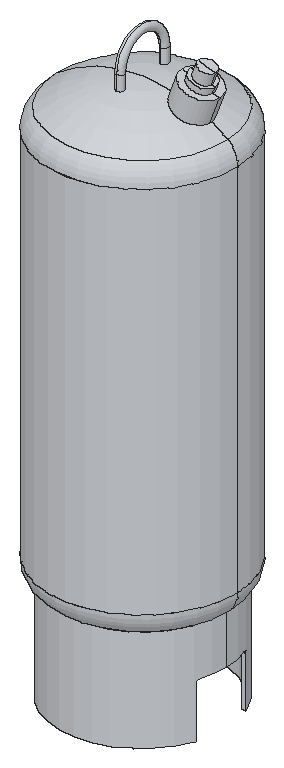
Revit family
Parameters (values of type "ST-50-CL 150# W.P. 10 BAR")
  Weight = "76 lbs"
  Tank Volume = "13 Gal"
  Tank Only/Less Stand = 31.402"
  Tank Height/Length = 35.063"
  Tank Diameter = 12.000"
  Pipe Connector Diameter = Pipe Connection Radius * 2  # 1.000"
  Pipe Connection Radius = 0.500"
  Model = "ST-50-CL"
  Maximum Acceptance Volume = "11 Gal"
  Max Operating Temp = "240 DEG F"
  Max Operating Pressure = "150 PSI"
  Manufacturer = "Amtrol"
  Lifting Ring Location = 3.500" / 2  # 1.750"
  Floor to Elbow Centerline = 1.688"
  Floor to Bottom of Tank = 3.661"
  Bladder/Diaphragm = "Bladder"
  ASME = yes
Reference planes (in)
  plane 1 "Center (Front/Back)": y = 0
  plane 2: z = 0
  plane 3 "Center (Left/Right)": x = 0
Forms (in)
  Revolve 1, solid
    sketch origin (0, 0, 0) x (1, 0, 0) y (0, 0, 1)
      loop
        line (3.20454, 4.357) -> (3.20454, 5.38871)
        arc (3.20454, 5.38871) -> (3.28098, 5.44343) -> (3.30625, 5.53397) r 0.14146
        arc (3.30625, 5.53397) -> (4.36924, 6.00724) -> (5.35602, 6.62385) r 8.34036
        arc (5.35602, 6.62385) -> (5.85151, 7.204) -> (6.02962, 7.94587) r 1.6341
        line (6.02962, 7.94587) -> (6.02962, 32.01863)
        arc (6.02962, 32.01863) -> (5.87295, 32.7404) -> (5.40065, 33.30822) r 1.55337
        arc (5.40065, 33.30822) -> (2.84317, 34.62525) -> (0, 35.063) r 8.95075
        line (0, 35.063) -> (0, 3.661) -> (3.19936, 3.661) -> (3.19936, 4.161) -> (2.165, 4.161) -> (2.165, 4.357) -> (3.20454, 4.357)
      axis (0, 3.661) -> (0, 35.063)
    angle from 0 to 360
  Revolve 2, solid
    sketch origin (0, 0, 0) x (1, 0, 0) y (0, 0, 1)
      loop
        line (3.1094, 34.2955) -> (4.28625, 33.86716) -> (4.88478, 35.51162) -> (4.468, 35.66332) -> (4.59637, 36.01603) -> (4.36507, 36.10022) -> (4.63254, 36.83509) -> (4.10378, 37.02755) -> (3.1094, 34.2955)
      axis (4.10378, 37.02755) -> (3.1094, 34.2955)
    angle from 0 to 360
  Revolve 3, solid
    sketch origin (0, 0, 0) x (1, 0, 0) y (0, 0, 1)
      loop
        line (-5.33638, 0) -> (-5.08638, 0) -> (-5.08638, 7.44707) -> (-5.33638, 7.44707) -> (-5.33638, 0)
      axis (0, 0) -> (0, 7.44707)
    angle from 0 to 360
  Revolve 4, solid
    sketch origin (0, 0, 0) x (1, 0, 0) y (0, 0, 1)
      loop
        line (0.6492, 3.3675) -> (0.6492, 4.19707) -> (0, 4.19707) -> (0, 3.3675) -> (0.6492, 3.3675)
      axis (0, 3.3675) -> (0, 4.19707)
    angle from 0 to 360
  Extrusion 5, void
    sketch origin (0, 0, 0) x (0, 1, 0) y (0, 0, 1)
      loop
        line (0, 3.5) -> (-1.75, 3.5)
        arc (-1.75, 3.5) -> (-1.92678, 3.42678) -> (-2, 3.25) r 0.25
        line (-2, 3.25) -> (-2, -0.25) -> (2, -0.25) -> (2, 3.25)
        arc (2, 3.25) -> (1.92678, 3.42678) -> (1.75, 3.5) r 0.25
        line (1.75, 3.5) -> (0, 3.5)
    from 2.84574 to 12
  Sweep 6, solid
    path origin (0, 0, 0) x (1, 0, 0) y (0, 0, 1)
      loop
        line (0, 3.188) -> (0, 2.886)
        arc (0, 2.886) -> (0.35089, 2.03889) -> (1.198, 1.688) r 1.198
        line (1.198, 1.688) -> (1.5, 1.688)
    profile origin (0, 0, 3.037) x (0, -1, 0) y (1, 0, 0)
      loop
        circle (0, 0) r 0.75
  Sweep 7, solid
    path origin (0, 0, 0) x (0, 1, 0) y (0, 0, 1)
      loop
        line (1.75, 35.08602) -> (1.75, 36.00246)
        arc (1.75, 36.00246) -> (0, 37.75246) -> (-1.75, 36.00246) r 1.75
        line (-1.75, 36.00246) -> (-1.75, 35.08602)
    profile origin (0, 1.75, 35.54424) x (0, -1, 0) y (1, 0, 0)
      loop
        circle (0, 0) r 0.25
Cuts and joins
  Extrusion 5 cuts Revolve 3
  Extrusion 5 cuts Revolve 4
Dimensions and locks (in)
  "Floor to Elbow Centerline": Sweep 6 sketch curve to cut or joined group of Revolve 3, Extrusion 5
  "Lifting Ring Location": Sweep 7 sketch curve to plane 1 "Center (Front/Back)"
  Revolve 1 sketch curve to Revolve 1 sketch curve = 7.39738"
  "Floor to Bottom of Tank": Revolve 1 sketch curve to cut or joined group of Revolve 3, Extrusion 5
  "Tank Only/Less Stand": Revolve 1 sketch curve to Revolve 1 sketch curve
  Revolve 2 sketch curve to Revolve 2 sketch curve = 0.5627"
  Revolve 2 sketch curve to Revolve 2 sketch curve = 2.90738"
  Revolve 2 sketch curve to Revolve 2 sketch curve = 2.12534"
  Revolve 2 sketch curve to Revolve 2 sketch curve = 1.750"
  Revolve 2 sketch curve to Revolve 1 = 1.84853"
  Revolve 2 sketch curve to Revolve 1 = 2.27687"
  aligned and locked: import instance to plane 1 "Center (Front/Back)"
  aligned and locked: import instance to plane 3 "Center (Left/Right)"
Automatic sketch dimensions
  Revolve 4 sketch curve to plane 3 "Center (Left/Right)" = 0.000"  (x2)
  plane 3 "Center (Left/Right)" to Revolve 4 sketch curve = 0.6492"
  level to Revolve 4 sketch curve = 3.3675"
  Revolve 4 sketch curve to Revolve 4 sketch curve = 0.000"
  Revolve 4 sketch curve to Revolve 4 sketch curve = 0.82957"
  Revolve 4 sketch curve to Revolve 4 sketch curve = 1.25068"
  Extrusion 5 sketch curve to plane 1 "Center (Front/Back)" = 0.000"
  plane 1 "Center (Front/Back)" to Extrusion 5 sketch curve = 1.750"
  Extrusion 5 sketch curve to Extrusion 5 sketch curve = 0.250"  (x2)
  Extrusion 5 sketch curve to plane 1 "Center (Front/Back)" = 1.750"
  Extrusion 5 sketch curve to level = 0.250"
  level to Extrusion 5 sketch curve = 3.250"
  Sweep 6 sketch curve to plane 3 "Center (Left/Right)" = 0.000"
  Sweep 6 sketch curve to Sweep 6 sketch curve = 1.198"
  Sweep 6 sketch curve to Sweep 6 sketch curve = 0.302"  (x2)
  plane 1 "Center (Front/Back)" to Sweep 6 sketch curve = 0.000"
  Sweep 6 sketch curve to profile plane = 0.000"
  plane 1 "Center (Front/Back)" to Sweep 7 sketch curve = 0.000"
  level to Sweep 7 sketch curve = 35.08602"
  Sweep 7 sketch curve to Sweep 7 sketch curve = 0.000"
  Sweep 7 sketch curve to Sweep 7 sketch curve = 0.91644"
  Sweep 7 sketch curve to plane 3 "Center (Left/Right)" = 0.000"
  Sweep 7 sketch curve to profile plane = 0.000"
  Revolve 3 sketch curve to level = 0.000"  (x2)
  Revolve 3 sketch curve to plane 3 "Center (Left/Right)" = 0.000"
  Revolve 3 sketch curve to plane 3 "Center (Left/Right)" = 5.08638"
  Revolve 3 sketch curve to Revolve 3 sketch curve = 0.250"
  level to Revolve 3 sketch curve = 7.44707"
  Revolve 3 sketch curve to Revolve 3 sketch curve = 1.05293"
  Revolve 1 sketch curve to plane 3 "Center (Left/Right)" = 0.000"  (x2)
  plane 3 "Center (Left/Right)" to Revolve 1 sketch curve = 0.07724"
  plane 3 "Center (Left/Right)" to Revolve 1 sketch curve = 0.45368"
  plane 3 "Center (Left/Right)" to Revolve 1 sketch curve = 2.165"
  Revolve 1 sketch curve to Revolve 1 sketch curve = 1.0001"
  Revolve 1 sketch curve to Revolve 1 sketch curve = 1.03436"
  Revolve 1 sketch curve to Revolve 1 sketch curve = 0.00518"
  Revolve 1 sketch curve to Revolve 1 sketch curve = 0.14115"
  Revolve 1 sketch curve to Revolve 1 sketch curve = 1.08927"
  Revolve 1 sketch curve to Revolve 1 sketch curve = 0.9605"
  Revolve 1 sketch curve to Revolve 1 sketch curve = 0.000"  (x3)
  Revolve 1 sketch curve to Revolve 1 sketch curve = 0.92386"
  Revolve 1 sketch curve to Revolve 1 sketch curve = 0.62898"
  Revolve 1 sketch curve to Revolve 1 sketch curve = 0.500"
  Revolve 1 sketch curve to Revolve 1 sketch curve = 0.196"
  Revolve 1 sketch curve to Revolve 1 sketch curve = 1.03171"
  Revolve 1 sketch curve to Revolve 1 sketch curve = 0.13585"
  Revolve 1 sketch curve to Revolve 1 sketch curve = 6.0341"
  Revolve 1 sketch curve to Revolve 1 sketch curve = 4.47679"
  plane 3 "Center (Left/Right)" to Revolve 2 sketch curve = 2.7357"
  Revolve 2 sketch curve to Revolve 2 sketch curve = 0.3737"
  Revolve 2 sketch curve to Revolve 2 sketch curve = 0.000"  (x2)
  Revolve 2 sketch curve to Revolve 2 sketch curve = 0.10293"
  Revolve 2 sketch curve to Revolve 2 sketch curve = 0.2313"
  radius of Sweep 6 sketch curve = 0.750"
  radius of Sweep 7 sketch curve = 0.250"
Connectors (in)
  piping at (1.5, 0, 1.688), driven by "Pipe Connection Radius"
    settings: on Sweep 6, index 1
